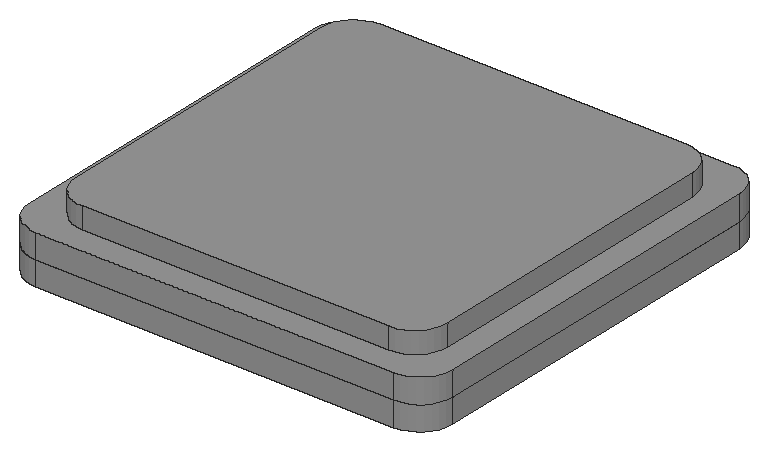
Revit family "FMS2_63_UN_Surface-mounted_ETK", category Lighting Fixtures, Revit 2019 (continued)
Definition of nested family "FMS.2 - Lightsource"
  Types (14, lengths in mm): name | Wattage Comments | Wattage | built-in parameter 1150134 | Photometric Web File | built-in parameter 1150142 | built-in parameter 1150105 | Lumens | built-in parameter 1150107 | built-in parameter 1150106 | Apparent Load
      3702\t266.9056\t263.5693\t260.233\t256.8966\t253.5603\r\n250.0957\t246.631\t243.1664\t239.7018\t236.1088\t232.6442\t229.1795\t225.5866\t222.1219\t218.6573\r\n215.1926\t211.5997\t208.135\t204.6704\t201.0774\t197.6128\t194.1482\t190.5552\t187.0906\t183.6259\r\n180.1613\t176.6966\t173.232\t169.7674\t166.3027\t162.7098\t159.2451\t155.7805\t152.3158\t148.8512\r\n145.3866\t141.9219\t138.4573\t134.9926\t131.528\t128.1147\t124.65\t121.1854\t117.7208\t114.2561\r\n110.7915\t107.6605\t104.5936\t101.5268\t98.4599\t95.3931\t92.3262\t89.2594\t86.2054\t83.1385\r\n80.0717\t77.0048\t73.938\t70.8711\t67.8043\t64.7374\t61.6706\t58.6037\t55.5369\t52.4829\r\n49.416\t44.6169\t39.6765\t34.7362\t29.8087\t24.8684\t19.9281\t15.0006\t10.0603\t5.1238\r\n0.187\t0\t0\t0\t0\t0\t0\t0\t0\t0\r\n0\r\n473.6291\t472.9875\t472.4742\t471.8326\t471.191\t470.5494\t469.9078\t469.2662\t468.6246\t467.983\r\n467.3414\t466.6998\t466.0582\t465.4166\t464.775\t464.1334\t463.4918\t462.8502\t462.2086\t461.567\r\n460.9254\t459.5139\t457.9741\t456.3059\t454.6378\t452.9696\t451.3014\t449.6333\t447.8368\t446.1686\r\n444.5005\t442.8323\t441.1642\t439.496\t437.8278\t436.1597\t434.4915\t432.8234\t431.1552\t429.487\r\n427.6906\t425.7658\t423.1994\t420.7613\t418.1949\t415.7568\t413.1904\t410.7523\t408.1859\t405.7478\r\n403.1814\t400.615\t398.177\t395.6106\t393.1725\t390.6061\t388.0397\t385.6016\t383.0352\t380.5971\r\n378.0307\t375.336\t372.2563\t369.305\t366.2253\t363.1456\t360.0659\t356.9862\t354.0349\t350.9552\r\n347.8755\t344.7958\t341.7162\t338.7648\t335.6851\t332.6054\t329.5258\t326.5744\t323.4947\t320.415\r\n317.3354\t314.2557\t310.9194\t307.583\t304.1184\t300.7821\t297.4458\t294.1094\t290.6448\t287.3085\r\n283.9722\t280.5075\t277.1712\t273.8349\t270.4986\t267.0339\t263.6976\t260.3613\t256.8966\t253.5603\r\n250.224\t246.8877\t243.2947\t239.8301\t236.3654\t232.7725\t229.3078\t225.8432\t222.3786\t218.7856\r\n215.321\t211.8563\t208.2634\t204.7987\t201.3341\t197.7411\t194.2765\t190.8118\t187.3472\t183.7542\r\n180.2896\t176.825\t173.3603\t169.8957\t166.431\t162.9664\t159.5018\t156.0371\t152.5725\t149.1078\r\n145.6432\t142.1786\t138.7139\t135.2493\t131.7846\t128.32\t124.9195\t121.4677\t118.0159\t114.5641\r\n111.1123\t107.8273\t104.7733\t101.7064\t98.6524\t95.5984\t92.5316\t89.4775\t86.4235\t83.3695\r\n80.3155\t77.2486\t74.1946\t71.1406\t68.0866\t65.0326\t61.9786\t58.9245\t55.8705\t52.8165\r\n49.7625\t45.374\t40.408\t35.4548\t30.5017\t25.5357\t20.5825\t15.6294\t10.666\t5.7077\r\n0.7495\t0\t0\t0\t0\t0\t0\t0\t0\t0\r\n0\r\n473.6291\t473.1158\t472.4742\t471.8326\t471.191\t470.5494\t469.9078\t469.2662\t468.6246\t467.983\r\n467.3414\t466.6998\t466.0582\t465.4166\t464.775\t464.1334\t463.4918\t462.8502\t462.0803\t461.4387\r\n460.6688\t459.7706\t458.1024\t456.3059\t454.6378\t452.9696\t451.3014\t449.6333\t447.9651\t446.297\r\n444.6288\t442.8323\t441.1642\t439.496\t437.8278\t436.1597\t434.4915\t432.8234\t431.1552\t429.487\r\n427.6906\t426.0224\t423.7126\t421.1462\t418.7082\t416.1418\t413.5754\t411.009\t408.5709\t406.0045\r\n403.4381\t400.8717\t398.3053\t395.7389\t393.1725\t390.6061\t388.0397\t385.6016\t383.0352\t380.4688\r\n377.9024\t375.336\t372.7696\t369.6899\t366.6102\t363.5306\t360.4509\t357.3712\t354.2915\t351.2118\r\n348.1322\t345.0525\t342.1011\t339.0214\t335.9418\t332.8621\t329.7824\t326.7027\t323.623\t320.5434\r\n317.4637\t314.384\t311.3043\t307.968\t304.5034\t301.167\t297.7024\t294.3661\t291.0298\t287.5651\r\n284.2288\t280.7642\t277.4278\t274.0915\t270.6269\t267.2906\t263.9542\t260.4896\t257.1533\t253.817\r\n250.3523\t247.016\t243.5514\t240.0867\t236.6221\t233.1574\t229.5645\t226.0998\t222.6352\t219.0422\r\n215.5776\t212.113\t208.6483\t205.0554\t201.5907\t198.1261\t194.6614\t191.0685\t187.6038\t184.1392\r\n180.6746\t177.2099\t173.617\t170.2806\t166.816\t163.3514\t159.8867\t156.4221\t152.9574\t149.4928\r\n146.0282\t142.5635\t139.0989\t135.6342\t132.2979\t128.8333\t125.343\t121.904\t118.4522\t115.0132\r\n111.5614\t108.1096\t104.9529\t101.9117\t98.8577\t95.8037\t92.7625\t89.7213\t86.6673\t83.6261\r\n80.585\t77.5438\t74.5026\t71.4614\t68.4202\t65.379\t62.3379\t59.2967\t56.2683\t53.2271\r\n50.1988\t46.516\t41.5372\t36.5584\t31.5667\t26.5879\t21.6091\t16.6303\t11.6502\t6.6701\r\n1.6887\t0\t0\t0\t0\t0\t0\t0\t0\t0\r\n0\r\n473.6291\t473.1158\t472.4742\t471.8326\t471.191\t470.5494\t470.0362\t469.3946\t468.753\t468.1114\r\n467.4698\t466.8282\t466.1866\t465.545\t464.775\t464.0051\t463.3635\t462.5936\t461.952\t461.1821\r\n460.4122\t459.7706\t458.2307\t456.5626\t454.8944\t453.2262\t451.5581\t449.8899\t448.0934\t446.4253\r\n444.7571\t443.089\t441.4208\t439.6243\t437.9562\t436.288\t434.4915\t432.8234\t431.0269\t429.2304\r\n427.5622\t425.7658\t423.9693\t421.6595\t419.0931\t416.5267\t414.0886\t411.5222\t408.9558\t406.3894\r\n403.6947\t401.1283\t398.5619\t395.9955\t393.4291\t390.8627\t388.2963\t385.6016\t383.0352\t380.4688\r\n377.9024\t375.336\t372.7696\t370.2032\t367.1235\t364.0438\t360.9642\t357.8845\t354.8048\t351.7251\r\n348.6454\t345.5658\t342.4861\t339.4064\t336.1984\t333.1187\t330.039\t326.9594\t323.8797\t320.8\r\n317.592\t314.5123\t311.561\t308.353\t305.145\t301.6803\t298.344\t294.8794\t291.543\t288.0784\r\n284.6138\t281.2774\t277.8128\t274.4765\t271.0118\t267.6755\t264.3392\t260.8746\t257.5382\t254.2019\r\n250.7373\t247.401\t243.9363\t240.6\t237.1354\t233.5424\t230.0778\t226.4848\t223.0202\t219.5555\r\n215.9626\t212.4979\t209.0333\t205.4403\t201.9757\t198.511\t195.0464\t191.4534\t187.9888\t184.5242\r\n181.0595\t177.5949\t174.1302\t170.6656\t167.201\t163.7363\t160.2717\t156.807\t153.3424\t149.8778\r\n146.4131\t143.0768\t139.6122\t136.1475\t132.6829\t129.2182\t125.7793\t122.3403\t118.9141\t115.4752\r\n112.049\t108.61\t105.1839\t102.0657\t99.0374\t96.009\t92.9807\t89.9523\t86.924\t83.8956\r\n80.8673\t77.8517\t74.8362\t71.8079\t68.7924\t65.7768\t62.7741\t59.7586\t56.7431\t53.7404\r\n50.7249\t47.7222\t43.077\t38.0725\t33.0681\t28.0508\t23.0463\t18.0418\t13.0245\t8.0174\r\n3.0078\t0\t0\t0\t0\t0\t0\t0\t0\t0\r\n0\r\n473.6291\t473.1158\t472.4742\t471.8326\t471.3194\t470.6778\t470.0362\t469.3946\t468.8813\t468.2397\r\n467.5981\t466.8282\t466.0582\t465.4166\t464.6467\t464.0051\t463.2352\t462.4653\t461.6954\t461.0538\r\n460.2838\t459.3856\t458.6157\t456.9475\t455.2794\t453.6112\t451.943\t450.2749\t448.6067\t446.9386\r\n445.1421\t443.3456\t441.5491\t439.7526\t438.0845\t436.288\t434.4915\t432.695\t430.8986\t429.1021\r\n427.3056\t425.5091\t423.7126\t421.9162\t419.863\t417.2966\t414.7302\t412.1638\t409.4691\t406.9027\r\n404.208\t401.6416\t399.0752\t396.3805\t393.8141\t391.1194\t388.553\t385.9866\t383.2918\t380.7254\r\n378.0307\t375.336\t372.7696\t370.0749\t367.3802\t364.6854\t361.6058\t358.5261\t355.3181\t352.2384\r\n349.1587\t345.9507\t342.871\t339.663\t336.5834\t333.3754\t330.2957\t327.216\t324.008\t320.9283\r\n317.8486\t314.769\t311.561\t308.4813\t305.4016\t302.1936\t298.9856\t295.521\t292.0563\t288.5917\r\n285.2554\t281.7907\t278.3261\t274.9898\t271.5251\t268.0605\t264.7242\t261.2595\t257.9232\t254.4586\r\n251.1222\t247.6576\t244.3213\t240.8566\t237.392\t234.0557\t230.591\t227.1264\t223.5334\t220.0688\r\n216.4758\t213.0112\t209.5466\t206.0819\t202.489\t199.0243\t195.5597\t192.095\t188.6304\t185.0374\r\n181.5728\t178.1082\t174.6435\t171.1789\t167.7142\t164.2496\t160.785\t157.3203\t153.8557\t150.391\r\n146.9264\t143.4618\t139.9971\t136.6608\t133.1962\t129.7315\t126.3054\t122.8664\t119.4274\t116.0013\r\n112.5751\t109.149\t105.7228\t102.3095\t99.1015\t96.0988\t93.109\t90.1063\t87.1164\t84.1266\r\n81.1367\t78.1469\t75.1699\t72.1928\t69.2158\t66.2388\t63.2618\t60.2847\t57.3077\t54.3435\r\n51.3665\t48.4023\t45.0916\t40.0487\t35.0057\t29.9499\t24.9069\t19.8639\t14.8081\t9.76\r\n4.7106\t0\t0\t0\t0\t0\t0\t0\t0\t0\r\n0\r\n473.6291\t473.1158\t472.4742\t471.961\t471.3194\t470.8061\t470.1645\t469.6512\t469.0096\t468.2397\r\n467.5981\t466.8282\t466.0582\t465.4166\t464.6467\t463.8768\t463.1069\t462.337\t461.567\t460.7971\r\n460.0272\t459.2573\t458.4874\t457.7174\t456.0493\t454.2528\t452.4563\t450.7882\t448.9917\t447.1952\r\n445.3987\t443.6022\t441.9341\t440.1376\t438.2128\t436.4163\t434.6198\t432.695\t430.8986\t429.1021\r\n427.3056\t425.3808\t423.456\t421.5312\t419.6064\t417.8099\t415.5002\t412.9338\t410.239\t407.6726\r\n404.9779\t402.2832\t399.5885\t396.8938\t394.199\t391.5043\t388.9379\t386.2432\t383.5485\t380.8538\r\n378.159\t375.4643\t372.6413\t369.9466\t367.2518\t364.5571\t361.9907\t359.296\t356.2163\t353.0083\r\n349.8003\t346.5923\t343.3843\t340.3046\t337.0966\t333.8886\t330.809\t327.601\t324.393\t321.185\r\n318.1053\t314.8973\t311.8176\t308.6096\t305.4016\t302.3219\t299.1139\t296.0342\t292.9546\t289.4899\r\n286.0253\t282.689\t279.2243\t275.7597\t272.295\t268.8304\t265.3658\t261.9011\t258.4365\t254.9718\r\n251.6355\t248.1709\t244.7062\t241.2416\t237.9053\t234.4406\t231.1043\t227.6397\t224.3034\t220.7104\r\n217.2458\t213.6528\t210.1882\t206.5952\t203.1306\t199.5376\t196.073\t192.6083\t189.0154\t185.5507\r\n182.0861\t178.6214\t175.1568\t171.6922\t168.2275\t164.7629\t161.2982\t157.8336\t154.369\t150.9043\r\n147.4397\t143.975\t140.6387\t137.1741\t133.7094\t130.2448\t126.87\t123.4567\t120.0562\t116.6429\r\n113.2424\t109.8419\t106.4543\t103.0666\t99.679\t96.3042\t93.3271\t90.3501\t87.3859\t84.4217\r\n81.4704\t78.5062\t75.5548\t72.6035\t69.6521\t66.7007\t63.7622\t60.8237\t57.8852\t54.9466\r\n52.0081\t49.0824\t46.1439\t42.4354\t37.3411\t32.2468\t27.1653\t22.071\t16.9767\t11.8863\r\n6.7945\t1.7028\t0\t0\t0\t0\t0\t0\t0\t0\r\n0\r\n473.6291\t473.1158\t472.6026\t472.0893\t471.4477\t470.9344\t470.2928\t469.7795\t469.0096\t468.368\r\n467.5981\t466.8282\t466.1866\t465.4166\t464.6467\t463.8768\t463.1069\t462.337\t461.567\t460.7971\r\n459.8989\t459.129\t458.2307\t457.3325\t456.3059\t454.8944\t453.0979\t451.3014\t449.6333\t447.8368\r\n445.912\t444.1155\t442.319\t440.3942\t438.5978\t436.8013\t434.8765\t432.9517\t431.0269\t429.1021\r\n427.1773\t425.2525\t423.1994\t421.2746\t419.2214\t417.2966\t415.2435\t413.3187\t411.2656\t408.6992\r\n406.0045\t403.1814\t400.4867\t397.6637\t394.969\t392.1459\t389.4512\t386.7565\t383.9334\t381.1104\r\n378.4157\t375.5926\t372.8979\t370.0749\t367.3802\t364.5571\t361.7341\t358.911\t356.2163\t353.3933\r\n350.5702\t347.4906\t344.2826\t341.0746\t337.8666\t334.6586\t331.4506\t328.2426\t325.0346\t321.6982\r\n318.4902\t315.2822\t312.0742\t308.8662\t305.6582\t302.4502\t299.3706\t296.1626\t292.9546\t289.7466\r\n286.6669\t283.4589\t280.1226\t276.5296\t273.065\t269.6003\t266.1357\t262.671\t259.0781\t255.6134\r\n252.1488\t248.6842\t245.2195\t241.8832\t238.4186\t234.9539\t231.4893\t228.0246\t224.6883\t221.2237\r\n217.759\t214.4227\t210.8298\t207.2368\t203.7722\t200.1792\t196.7146\t193.1216\t189.657\t186.1923\r\n182.7277\t179.1347\t175.6701\t172.2054\t168.7408\t165.2762\t161.8115\t158.4752\t155.0106\t151.5459\r\n148.0813\t144.6166\t141.152\t137.8157\t134.351\t130.8864\t127.5244\t124.1239\t120.7235\t117.3358\r\n113.9482\t110.5733\t107.2114\t103.8365\t100.4874\t97.1254\t93.7891\t90.5298\t87.5912\t84.6655\r\n81.7398\t78.8141\t75.9013\t72.9884\t70.0756\t67.1627\t64.2627\t61.3498\t58.4498\t55.5626\r\n52.6625\t49.7882\t46.901\t44.0138\t40.1513\t35.0057\t29.8601\t24.7144\t19.5688\t14.4232\r\n9.275\t4.1268\t0\t0\t0\t0\t0\t0\t0\t0\r\n0\r\n473.6291\t473.1158\t472.6026\t472.0893\t471.576\t471.0627\t470.5494\t469.7795\t469.1379\t468.368\r\n467.7264\t466.9565\t466.3149\t465.545\t464.775\t464.0051\t463.2352\t462.337\t461.567\t460.6688\r\n459.7706\t458.8723\t457.8458\t456.9475\t456.0493\t455.0227\t453.9962\t452.0714\t450.2749\t448.4784\r\n446.6819\t444.8854\t442.9606\t441.0358\t439.111\t437.0579\t435.1331\t433.2083\t431.2835\t429.2304\r\n427.1773\t425.2525\t423.1994\t421.1462\t419.2214\t417.1683\t414.9869\t412.9338\t410.8806\t408.6992\r\n406.5178\t404.3363\t401.5133\t398.6902\t395.8672\t393.1725\t390.3494\t387.6547\t384.8317\t381.8803\r\n379.0573\t376.2342\t373.2829\t370.4598\t367.6368\t364.8138\t361.8624\t359.0394\t356.2163\t353.265\r\n350.4419\t347.6189\t344.6675\t341.8445\t338.8931\t335.5568\t332.3488\t329.0125\t325.8045\t322.5965\r\n319.2602\t315.9238\t312.7158\t309.3795\t306.1715\t302.8352\t299.6272\t296.4192\t293.0829\t289.8749\r\n286.6669\t283.4589\t280.2509\t277.0429\t273.8349\t270.6269\t267.1622\t263.6976\t260.1046\t256.64\r\n253.1754\t249.5824\t246.1178\t242.6531\t239.0602\t235.5955\t232.1309\t228.6662\t225.2016\t221.737\r\n218.2723\t214.8077\t211.343\t208.0067\t204.5421\t201.0774\t197.4845\t194.0198\t190.5552\t186.9622\r\n183.4976\t180.033\t176.44\t172.9754\t169.5107\t166.0461\t162.5814\t159.1168\t155.6522\t152.1875\r\n148.8512\t145.3866\t142.0502\t138.5856\t135.121\t131.6563\t128.2943\t124.8939\t121.5062\t118.1186\r\n114.7437\t111.3818\t108.0326\t104.6835\t101.3471\t98.0108\t94.6873\t91.3638\t88.0532\t84.8067\r\n81.9323\t79.0451\t76.1708\t73.3092\t70.4348\t67.5861\t64.7246\t61.8759\t59.0272\t56.1785\r\n53.3426\t50.5068\t47.6837\t44.8607\t42.0376\t38.2907\t33.0681\t27.8583\t22.6356\t17.413\r\n12.184\t6.9588\t1.7323\t0\t0\t0\t0\t0\t0\t0\r\n0\r\n473.6291\t473.2442\t472.7309\t472.2176\t471.7043\t471.191\t470.6778\t469.9078\t469.2662\t468.4963\r\n467.8547\t467.0848\t466.4432\t465.6733\t464.9034\t464.1334\t463.3635\t462.4653\t461.567\t460.5405\r\n459.6422\t458.6157\t457.7174\t456.6909\t455.6643\t454.6378\t453.4829\t452.4563\t451.3014\t449.3766\r\n447.4518\t445.527\t443.6022\t441.6774\t439.7526\t437.6995\t435.7747\t433.7216\t431.6685\t429.7437\r\n427.6906\t425.5091\t423.456\t421.2746\t419.0931\t416.9117\t414.8586\t412.5488\t410.3674\t408.1859\r\n406.1328\t403.9514\t401.7699\t399.4602\t397.1504\t394.584\t391.6326\t388.8096\t385.8582\t382.9069\r\n380.0838\t377.1325\t374.1811\t371.2298\t368.4067\t365.4554\t362.504\t359.5526\t356.6013\t353.6499\r\n350.6986\t347.6189\t344.6675\t341.7162\t338.7648\t335.8134\t332.8621\t329.7824\t326.831\t323.623\r\n320.2867\t316.9504\t313.6141\t310.4061\t307.0698\t303.7334\t300.3971\t297.0608\t293.7245\t290.3882\r\n287.1802\t283.8438\t280.5075\t277.1712\t273.9632\t270.6269\t267.4189\t264.2109\t261.0029\t257.7949\r\n254.4586\t250.8656\t247.2726\t243.808\t240.215\t236.7504\t233.1574\t229.5645\t226.0998\t222.6352\r\n219.0422\t215.5776\t212.113\t208.6483\t205.1837\t201.719\t198.2544\t194.9181\t191.4534\t187.9888\r\n184.3958\t180.9312\t177.3382\t173.8736\t170.2806\t166.816\t163.3514\t159.8867\t156.4221\t152.9574\r\n149.4928\t146.0282\t142.6918\t139.2272\t135.7626\t132.4262\t129.0899\t125.6381\t122.2505\t118.8756\r\n115.5137\t112.1773\t108.841\t105.5047\t102.1812\t98.8706\t95.5599\t92.2749\t88.9899\t85.7306\r\n82.4713\t79.2119\t76.3247\t73.5017\t70.6915\t67.8813\t65.0839\t62.2865\t59.502\t56.7303\r\n53.9586\t51.1997\t48.4408\t45.6948\t42.9487\t40.2027\t36.9048\t31.5796\t26.2414\t20.9162\r\n15.578\t10.2464\t4.9108\t0\t0\t0\t0\t0\t0\t0\r\n0\r\n473.6291\t473.2442\t472.8592\t472.3459\t471.8326\t471.4477\t470.8061\t470.0362\t469.3946\t468.753\r\n468.1114\t467.3414\t466.6998\t465.9299\t465.16\t464.2618\t463.4918\t462.4653\t461.4387\t460.5405\r\n459.6422\t458.744\t457.5891\t456.5626\t455.4077\t454.2528\t453.2262\t451.943\t450.6598\t449.3766\r\n448.0934\t446.6819\t444.6288\t442.704\t440.6509\t438.7261\t436.673\t434.6198\t432.5667\t430.3853\r\n428.2038\t426.0224\t423.841\t421.6595\t419.4781\t417.1683\t414.9869\t412.8054\t410.624\t408.3142\r\n405.8762\t403.5664\t401.2566\t398.9469\t396.5088\t394.199\t391.761\t389.4512\t387.0131\t384.7034\r\n381.752\t378.8006\t375.721\t372.6413\t369.5616\t366.6102\t363.6589\t360.5792\t357.4995\t354.4198\r\n351.3402\t348.2605\t345.1808\t342.1011\t339.0214\t335.9418\t332.9904\t329.9107\t326.831\t323.7514\r\n320.6717\t317.592\t314.5123\t311.4326\t308.4813\t305.0166\t301.552\t298.0874\t294.751\t291.2864\r\n287.9501\t284.6138\t281.2774\t277.8128\t274.4765\t271.1402\t267.8038\t264.4675\t261.1312\t257.7949\r\n254.4586\t251.2506\t247.9142\t244.5779\t241.3699\t238.1619\t234.569\t230.976\t227.383\t223.7901\r\n220.1971\t216.6042\t213.1395\t209.5466\t206.0819\t202.6173\t199.0243\t195.5597\t192.095\t188.6304\r\n185.1658\t181.7011\t178.3648\t174.9002\t171.4355\t167.8426\t164.2496\t160.785\t157.192\t153.7274\r\n150.2627\t146.7981\t143.3334\t139.9971\t136.5325\t133.0678\t129.7315\t126.331\t122.9562\t119.6071\r\n116.2579\t112.9088\t109.5853\t106.2746\t102.9768\t99.7046\t96.4325\t93.1988\t89.9652\t86.7443\r\n83.5363\t80.354\t77.1716\t73.9893\t70.961\t68.2021\t65.456\t62.71\t59.9896\t57.2692\r\n54.5617\t51.8541\t49.1594\t46.4775\t43.7956\t41.1266\t38.4575\t35.8013\t30.5145\t25.0352\r\n19.556\t14.0639\t8.5795\t3.0887\t0\t0\t0\t0\t0\t0\r\n0\r\n473.6291\t473.2442\t472.8592\t472.4742\t471.961\t471.576\t470.9344\t470.2928\t469.6512\t469.0096\r\n468.2397\t467.5981\t466.9565\t466.1866\t465.2883\t464.5184\t463.4918\t462.5936\t461.6954\t460.7971\r\n459.7706\t458.6157\t457.5891\t456.4342\t455.2794\t454.1245\t452.8413\t451.5581\t450.2749\t448.8634\r\n447.5802\t446.1686\t444.7571\t443.3456\t441.9341\t440.0093\t437.8278\t435.6464\t433.465\t431.2835\r\n429.1021\t426.9206\t424.7392\t422.5578\t420.248\t417.9382\t415.6285\t413.1904\t410.8806\t408.4426\r\n406.1328\t403.6947\t401.2566\t398.8186\t396.3805\t393.9424\t391.5043\t389.0662\t386.4998\t383.9334\r\n381.367\t378.929\t376.3626\t373.7962\t371.2298\t368.4067\t365.327\t362.2474\t359.0394\t355.8314\r\n352.6234\t349.5437\t346.464\t343.256\t340.048\t336.84\t333.7603\t330.5523\t327.3443\t324.1363\r\n321.0566\t317.8486\t314.6406\t311.561\t308.353\t305.145\t301.937\t298.8573\t295.6493\t292.5696\r\n289.3616\t286.0253\t282.5606\t279.096\t275.6314\t272.1667\t268.7021\t265.2374\t261.9011\t258.4365\r\n254.9718\t251.6355\t248.1709\t244.8346\t241.4982\t238.1619\t234.8256\t231.4893\t228.2813\t224.945\r\n221.6086\t218.2723\t214.8077\t211.2147\t207.4934\t203.9005\t200.1792\t196.7146\t193.1216\t189.657\r\n186.064\t182.5994\t179.0064\t175.5418\t172.0771\t168.4842\t165.0195\t161.6832\t158.2186\t154.7539\r\n151.2893\t147.6963\t144.2317\t140.767\t137.3024\t133.9661\t130.5014\t127.0753\t123.7005\t120.3385\r\n117.0022\t113.6787\t110.3809\t107.083\t103.8109\t100.5516\t97.3051\t94.0842\t90.8762\t87.6811\r\n84.5116\t81.342\t78.1982\t75.08\t71.9619\t68.8565\t65.764\t62.9281\t60.2591\t57.6028\r\n54.9595\t52.3289\t49.7112\t47.1063\t44.5014\t41.9221\t39.3429\t36.7637\t34.1973\t29.9242\r\n24.2268\t18.5422\t12.8448
